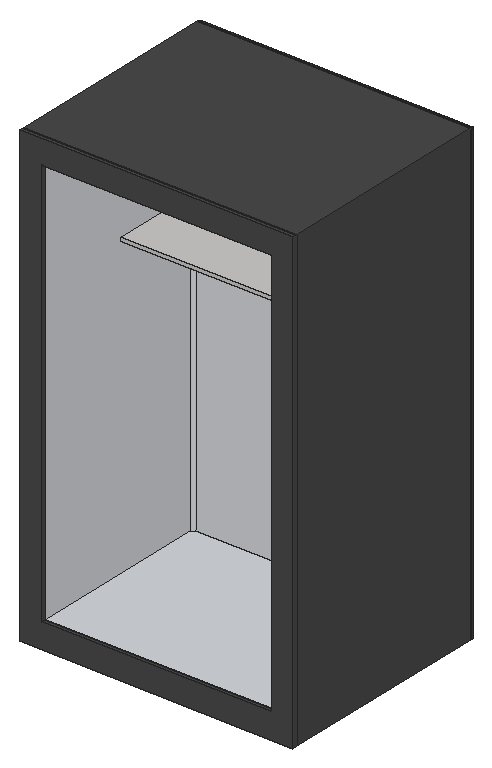
Revit family "Summit_SPR196OSADALHD", category Specialty Equipment, Revit 2020
Family settings
  Round Connector Dimension = Use Diameter
  Part Type = Normal
  Work Plane-Based = No
  Always vertical = Yes
  Cut with Voids When Loaded = No
  Shared = No
  Room Calculation Point = No
Parameters
  Show Clearance [instance] = yes
  Model = "SPR196OSADA"
  Manufacturer = "Summit"
  Length = 19"
  Height = 32 3/8"
  Description = "Indoor/Outdoor Beverage Cooler, ADA Compliant"
  Depth = 17"
  Default Elevation = 0"
Reference planes (in)
  plane 1: z = 0
  plane 2 "LEFT": x = 0
  plane 3 "RIGHT": x = 19
  plane 4 "FRONT": y = -17.75
  plane 5 "TOP": z = 32.375
  plane 6 "Center Y": x = 9.5
  plane 7 "Center X": y = -9.25
  plane 8 "BACK": y = -0.75
  plane 9: y = -19.375
  plane 10: y = -16.125
  plane 11: y = -16.41209
  plane 12: z = 0.5
  plane 13: y = -0.9375
  plane 14: y = -35.49996
  plane 15: z = 32.5
Forms (in)
  Extrusion 1, solid
    sketch origin (22.25, -2.96287, 24.25) x (0, 1, 0) y (-1, 0, 0)
      loop
        line (2.02537, 22.25) -> (-13.16213, 22.25) -> (-13.16213, 3.25) -> (2.02537, 3.25) -> (2.02537, 22.25)
    from -23.75 to 8.125
  Extrusion 2, solid, material "QF_Plastic - Black - Matte"
    sketch origin (22.25, -2.96287, 24.25) x (0, 1, 0) y (-1, 0, 0)
      loop
        line (-13.16213, 22.25) -> (-13.44922, 22.25) -> (-13.44922, 3.25) -> (-13.16213, 3.25) -> (-13.16213, 22.25)
    from -23.75 to 8.125
  Extrusion 3, solid
    sketch origin (22.25, -2.96287, 24.25) x (0, 1, 0) y (-1, 0, 0)
      loop
        line (2.02537, 3.25) -> (2.11287, 3.25)
        arc (2.11287, 3.25) -> (2.18358, 3.27929) -> (2.21287, 3.35) r 0.1
        line (2.21287, 3.35) -> (2.21287, 22.15)
        arc (2.21287, 22.15) -> (2.18358, 22.22071) -> (2.11287, 22.25) r 0.1
        line (2.11287, 22.25) -> (2.02537, 22.25) -> (2.02537, 3.25)
    from -23.75 to 8.125
  Extrusion 4, void
    sketch origin (22.25, -2.96287, 24.25) x (0, 1, 0) y (-1, 0, 0)
      loop
        line (-13.44922, 4.75) -> (-0.59963, 4.75)
        arc (-0.59963, 4.75) -> (-0.42285, 4.82322) -> (-0.34963, 5) r 0.25
        line (-0.34963, 5) -> (-0.34963, 20.5)
        arc (-0.34963, 20.5) -> (-0.42285, 20.67678) -> (-0.59963, 20.75) r 0.25
        line (-0.59963, 20.75) -> (-13.44922, 20.75) -> (-13.44922, 4.75)
    from -22 to 6.5
  Extrusion 5, solid, material "QF_Metal_Stainless_Polished"
    sketch origin (0, 0, 7) x (1, 0, 0) y (0, 1, 0)
      loop
        line (1.5, -9.59375) -> (17.5, -9.59375) -> (17.5, -3.5625) -> (1.5, -3.5625) -> (1.5, -9.59375)
    from 16 to 16.25
  Extrusion 6, solid
    sketch origin (23.88, 0, 0) x (0, 1, 0) y (0, 0, 1)
      loop
        line (-12.25, 30) -> (-5.81931, 28.75) -> (-3.3125, 28.75) -> (-3.3125, 30.75) -> (-12.25, 30.75) -> (-12.25, 30)
    from -19.63 to -9.13
  Revolve 7, solid, material "QF_Plastic - Black - Matte"
    sketch origin (-74.8943, -14.85392, 32) x (1, 0, 0) y (0, 0, 1)
      loop
        line (76.73805, -31.625) -> (76.73805, -31.5) -> (76.4568, -31.5) -> (76.4568, -32) -> (77.19926, -32) -> (77.19926, -31.625) -> (76.73805, -31.625)
      axis (76.4568, -32) -> (76.4568, -31.5)
    angle from 0 to 360
  Revolve 8, solid, material "QF_Plastic - Black - Matte"
    sketch origin (93.8943, -14.85392, 32) x (-1, 0, 0) y (0, 0, -1)
      loop
        line (76.73805, 31.625) -> (77.19926, 31.625) -> (77.19926, 32) -> (76.4568, 32) -> (76.4568, 31.5) -> (76.73805, 31.5) -> (76.73805, 31.625)
      axis (76.4568, 32) -> (76.4568, 31.5)
    angle from 0 to 360
  Revolve 9, solid, material "QF_Plastic - Black - Matte"
    sketch origin (-74.8943, -2.04142, 32) x (1, 0, 0) y (0, 0, 1)
      loop
        line (76.73805, -31.625) -> (76.73805, -31.5) -> (76.4568, -31.5) -> (76.4568, -32) -> (77.19926, -32) -> (77.19926, -31.625) -> (76.73805, -31.625)
      axis (76.4568, -32) -> (76.4568, -31.5)
    angle from 0 to 360
  Revolve 10, solid, material "QF_Plastic - Black - Matte"
    sketch origin (93.8943, -2.04142, 32) x (-1, 0, 0) y (0, 0, -1)
      loop
        line (76.73805, 31.625) -> (77.19926, 31.625) -> (77.19926, 32) -> (76.4568, 32) -> (76.4568, 31.5) -> (76.73805, 31.5) -> (76.73805, 31.625)
      axis (76.4568, 32) -> (76.4568, 31.5)
    angle from 0 to 360
  Extrusion 11, solid, material "QF_Metal_Stainless_Polished"
    sketch origin (0, -0.75, 0) x (1, 0, 0) y (0, 0, 1)
      loop
        circle (16, 1.41109) r 0.25
    from 0.24762 to 0
Cuts and joins
  Extrusion 4 cuts Extrusion 1
  joined: Extrusion 1, Extrusion 6
  Extrusion 4 cuts Extrusion 2
Lines and regions (in)
  symbolic lines, style "SpecialityEquipment"
    curve 1: arc (0.35, -0.75, 0) -> (0.27929, -0.77929, 0) -> (0.25, -0.85, 0) r 0.1
    curve 2: line (0.25, -0.85, 0) -> (0.25, -0.9375, 0)
    curve 3: line (18.875, -0.9375, 0) -> (18.875, -0.85, 0)
    curve 4: arc (18.875, -0.85, 0) -> (18.84571, -0.77929, 0) -> (18.775, -0.75, 0) r 0.1
    curve 5: line (18.775, -0.75, 0) -> (0.35, -0.75, 0)
    curve 6: line (0, -0.9375, 0) -> (0, -16.125, 0)
    curve 7: line (0, -16.125, 0) -> (19, -16.125, 0)
    curve 8: line (19, -16.125, 0) -> (19, -0.9375, 0)
    curve 9: line (19, -0.9375, 0) -> (0, -0.9375, 0)
Dimensions and locks (in)
  equal spacing: plane 2 "LEFT", plane 6 "Center Y", plane 3 "RIGHT"
  "Length": plane 2 "LEFT" to plane 3 "RIGHT"
  equal spacing: plane 4 "FRONT", plane 7 "Center X", plane 8 "BACK"
  "Height": plane 5 "TOP" to level
  plane 3 "RIGHT" to plane 2 "LEFT" = 19"
  plane 5 "TOP" to level = 32 3/8"  (x2)
  "Depth": plane 4 "FRONT" to plane 8 "BACK"
  plane 12 to level = 1/2"
  plane 14 to plane 8 "BACK" = 34.74996"
  plane 10 to plane 8 "BACK" = 15 3/8"
  plane 9 to plane 4 "FRONT" = 1 5/8"
  plane 15 to level = 32 1/2"
  aligned and locked: level to plane 1
  aligned and locked: plane 12 to cut or joined group of Extrusion 1, Extrusion 4, Extrusion 6
  aligned and locked: plane 12 to cut or joined group of Extrusion 2, Extrusion 4
  aligned and locked: plane 5 "TOP" to cut or joined group of Extrusion 2, Extrusion 4
  aligned and locked: plane 5 "TOP" to cut or joined group of Extrusion 1, Extrusion 4, Extrusion 6
  aligned and locked: Extrusion 1 to cut or joined group of Extrusion 2, Extrusion 4
  aligned and locked: cut or joined group of Extrusion 1, Extrusion 4, Extrusion 6 to plane 13
  aligned and locked: cut or joined group of Extrusion 1, Extrusion 4, Extrusion 6 to plane 3 "RIGHT"
Automatic sketch dimensions
  Extrusion 1 sketch curve to plane 2 "LEFT" = 0"
  plane 10 to Extrusion 1 sketch curve = 0"
  plane 3 "RIGHT" to Extrusion 1 sketch curve = 0"
  plane 8 "BACK" to Extrusion 1 sketch curve = 3/16"
  plane 11 to Extrusion 2 sketch curve = 0"
  plane 10 to Extrusion 2 sketch curve = 0"
  plane 3 "RIGHT" to Extrusion 2 sketch curve = 0"
  plane 2 "LEFT" to Extrusion 2 sketch curve = 0"
  plane 8 "BACK" to Extrusion 3 sketch curve = 0"
  plane 8 "BACK" to Extrusion 3 sketch curve = 0.1"
  Extrusion 3 sketch curve to Extrusion 3 sketch curve = 0.1"
  Extrusion 3 sketch curve to Extrusion 3 sketch curve = 0.0875"
  plane 3 "RIGHT" to Extrusion 3 sketch curve = 0"
  plane 2 "LEFT" to Extrusion 3 sketch curve = 0.1"
  plane 11 to Extrusion 4 sketch curve = 0"
  plane 8 "BACK" to Extrusion 4 sketch curve = 2 13/16"  (x2)
  Extrusion 4 sketch curve to Extrusion 4 sketch curve = 1/4"
  plane 3 "RIGHT" to Extrusion 4 sketch curve = 1 1/2"
  plane 2 "LEFT" to Extrusion 4 sketch curve = 1 3/4"
  plane 2 "LEFT" to Extrusion 5 sketch curve = 1 1/2"
  plane 3 "RIGHT" to Extrusion 5 sketch curve = 1 1/2"
  Extrusion 5 sketch curve to plane 7 "Center X" = 11/32"
  plane 8 "BACK" to Extrusion 5 sketch curve = 2 13/16"
  Revolve 7 sketch curve to plane 12 = 0"  (x2)
  Revolve 7 sketch curve to level = 0"
  plane 2 "LEFT" to Revolve 7 sketch curve = 1 9/16"
  plane 12 to Revolve 7 sketch curve = 1/8"
  Revolve 7 sketch curve to Revolve 7 sketch curve = 9/32"
  Revolve 7 sketch curve to Revolve 7 sketch curve = 0.46121"
  Revolve 7 sketch curve to Revolve 7 sketch curve = 0"
  Revolve 7 sketch curve to plane 12 = 1/4"
  Revolve 8 sketch curve to plane 12 = 0"  (x2)
  Revolve 8 sketch curve to level = 0"
  plane 3 "RIGHT" to Revolve 8 sketch curve = 1 9/16"
  plane 12 to Revolve 8 sketch curve = 1/8"
  Revolve 8 sketch curve to Revolve 8 sketch curve = 9/32"
  Revolve 8 sketch curve to Revolve 8 sketch curve = 0.46121"
  Revolve 8 sketch curve to Revolve 8 sketch curve = 0"
  Revolve 8 sketch curve to plane 12 = 1/4"
  Revolve 9 sketch curve to plane 12 = 0"  (x2)
  Revolve 9 sketch curve to level = 0"
  plane 2 "LEFT" to Revolve 9 sketch curve = 1 9/16"
  plane 12 to Revolve 9 sketch curve = 1/8"
  Revolve 9 sketch curve to Revolve 9 sketch curve = 9/32"
  Revolve 9 sketch curve to Revolve 9 sketch curve = 0.46121"
  Revolve 9 sketch curve to Revolve 9 sketch curve = 0"
  Revolve 9 sketch curve to plane 12 = 1/4"
  Revolve 10 sketch curve to plane 12 = 0"  (x2)
  Revolve 10 sketch curve to level = 0"
  plane 3 "RIGHT" to Revolve 10 sketch curve = 1 9/16"
  plane 12 to Revolve 10 sketch curve = 1/8"
  Revolve 10 sketch curve to Revolve 10 sketch curve = 9/32"
  Revolve 10 sketch curve to Revolve 10 sketch curve = 0.46121"
  Revolve 10 sketch curve to Revolve 10 sketch curve = 0"
  Revolve 10 sketch curve to plane 12 = 1/4"
  Extrusion 6 sketch curve to plane 7 "Center X" = 3"
  plane 8 "BACK" to Extrusion 6 sketch curve = 2 9/16"
  Extrusion 6 sketch curve to Extrusion 6 sketch curve = 3/4"
  plane 7 "Center X" to Extrusion 6 sketch curve = 3.43069"
  Extrusion 6 sketch curve to plane 5 "TOP" = 3 5/8"
  Extrusion 6 sketch curve to plane 5 "TOP" = 2 3/8"
  Extrusion 11 sketch curve to plane 12 = 0.91109"
  plane 3 "RIGHT" to Extrusion 11 sketch curve = 3"
  curve 6 to plane 2 "LEFT" = 0"
  plane 13 to curve 2 = 0"
  plane 8 "BACK" to curve 1 = 0"
  curve 2 to plane 13 = 0.0875"
  plane 2 "LEFT" to curve 2 = 1/4"
  curve 4 to plane 13 = 0.0875"
  plane 3 "RIGHT" to curve 4 = 0.225"
  curve 9 to plane 3 "RIGHT" = 0"
  plane 10 to curve 7 = 0"
  radius of Extrusion 11 sketch curve = 1/4"
